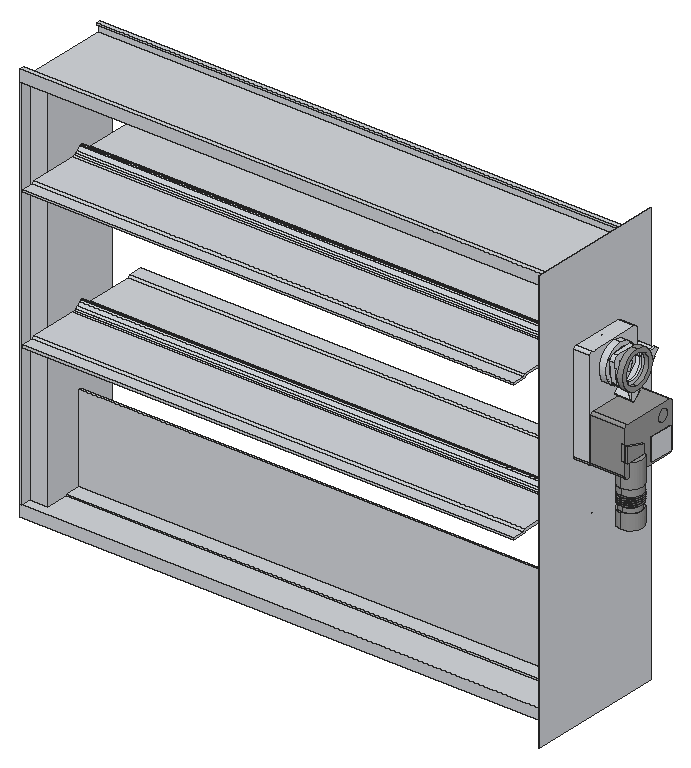
Revit family "OB-MZ-1,2", category Mechanical Equipment, Revit 2015
Parameters
  URL = "https://unitedenertech.com/catalog/pdf/G_5%20MI-MZ-1,2-OB-MZ-1,2.pdf"
  Type Comments = "Consult Factory For Max. Size."
  Side Plate Height [instance] = Exact Height + 0' 1"  # 1' - 7"
  Model = "OB-MZ-1, OB-MZ-2"
  Manufacturer = "United Enertech Corporation"
  Keynote = "This model is only a representation of the product, blade position will vary from built dampers."
  Exact Width = 2' - 0"
  Exact Height = 1' - 6"
  Description = "Modulating Motorized Damper"
  Blade Spacing = 0' - 6 1/4"
  Blade Number [instance] = rounddown((Exact Height - 0' 2 3/4") / Blade Spacing)  # 2
  BW [instance] = Exact Width - 0' 1 15/16"  # 1' - 10 1/16"
Reference planes (in)
  plane 1 "Center (Front/Back)": y = 0
  plane 2: z = 0
  plane 3 "Center (Left/Right)": x = 0
  plane 4: x = -12
  plane 5: x = 12
  plane 6: z = 18
  plane 7: z = 0.5
  plane 8: z = 17.5
  plane 9: x = -11.125
  plane 10: x = 11.125
  plane 11: z = 13.94956
  plane 12: z = 18.5
  plane 13: x = 12.0478
  plane 14: z = 14.22854
  plane 15: x = 13.49393
  plane 16: z = 16.06528
  plane 17: z = 14.85859
  plane 18: x = 14.19222
  plane 19: x = 14.47514
  plane 20: z = 11.43531
  plane 21: z = 10.43395
Forms (in)
  Extrusion 1, solid
    sketch origin (-10.94563, 56.53311, 0) x (0, 1, 0) y (-1, 0, 0)
      loop
        line (-56.53311, 0.97437) -> (-56.07011, 0.97437) -> (-56.07011, 0.17937) -> (-52.49611, 0.17937) -> (-52.49611, 0.97437) -> (-52.03311, 0.97437) -> (-52.03311, 1.05437) -> (-52.57611, 1.05437) -> (-52.57611, 0.46516) -> (-52.61757, 0.51649) -> (-52.6794, 0.56048) -> (-52.75426, 0.58054) -> (-52.77072, 0.48933)
        arc (-52.77072, 0.48933) -> (-52.68095, 0.36712) -> (-52.81664, 0.43482) r 0.078
        line (-52.81664, 0.43482) -> (-52.90129, 0.4267) -> (-52.87778, 0.33896) -> (-52.8428, 0.29687) -> (-52.79089, 0.25937) -> (-55.76027, 0.25937) -> (-55.71053, 0.30912) -> (-55.67609, 0.36632) -> (-55.67078, 0.44579) -> (-55.75297, 0.44579)
        arc (-55.75297, 0.44579) -> (-55.87883, 0.36035) -> (-55.80226, 0.4918) r 0.078
        line (-55.80226, 0.4918) -> (-55.81534, 0.5768) -> (-55.90864, 0.5518) -> (-55.94901, 0.51604) -> (-55.99011, 0.45116) -> (-55.99011, 1.05437) -> (-56.53311, 1.05437) -> (-56.53311, 0.97437)
    from 0.5 to 17.5
  Extrusion 2, solid
    sketch origin (10.94563, 56.53311, 0) x (0, 1, 0) y (-1, 0, 0)
      loop
        line (-56.53311, -0.97437) -> (-56.53311, -1.05437) -> (-55.99011, -1.05437) -> (-55.99011, -0.45116) -> (-55.94901, -0.51604) -> (-55.90864, -0.5518) -> (-55.81534, -0.5768) -> (-55.80226, -0.4918)
        arc (-55.80226, -0.4918) -> (-55.87883, -0.36035) -> (-55.75297, -0.44579) r 0.078
        line (-55.75297, -0.44579) -> (-55.67078, -0.44579) -> (-55.67609, -0.36632) -> (-55.71053, -0.30912) -> (-55.76027, -0.25937) -> (-52.79089, -0.25937) -> (-52.8428, -0.29687) -> (-52.87778, -0.33896) -> (-52.90129, -0.4267) -> (-52.81664, -0.43482)
        arc (-52.81664, -0.43482) -> (-52.68095, -0.36712) -> (-52.77072, -0.48933) r 0.078
        line (-52.77072, -0.48933) -> (-52.75426, -0.58054) -> (-52.6794, -0.56048) -> (-52.61757, -0.51649) -> (-52.57611, -0.46516) -> (-52.57611, -1.05437) -> (-52.03311, -1.05437) -> (-52.03311, -0.97437) -> (-52.49611, -0.97437) -> (-52.49611, -0.17937) -> (-56.07011, -0.17937) -> (-56.07011, -0.97437) -> (-56.53311, -0.97437)
    from 0.5 to 17.5
  Extrusion 3, solid
    sketch origin (-23.46325, -52.03311, -12.20737) x (0, -1, 0) y (0, 0, 1)
      loop
        line (-56.34511, 12.28737) -> (-56.45311, 12.28737) -> (-56.45311, 12.62737) -> (-52.11311, 12.62737) -> (-52.11311, 12.28737) -> (-52.22111, 12.28737) -> (-52.22111, 12.20737) -> (-52.03311, 12.20737) -> (-52.03311, 12.70737) -> (-56.53311, 12.70737) -> (-56.53311, 12.20737) -> (-56.34511, 12.20737) -> (-56.34511, 12.28737)
    from -35.46325 to -11.46325
  Extrusion 4, solid
    sketch origin (-35.31788, -52.03311, 54.20737) x (0, -1, 0) y (0, 0, -1)
      loop
        line (-56.34511, 36.29227) -> (-56.45311, 36.29227) -> (-56.45311, 36.63227) -> (-52.11311, 36.63227) -> (-52.11311, 36.29227) -> (-52.22111, 36.29227) -> (-52.22111, 36.20737) -> (-52.03311, 36.20737) -> (-52.03311, 36.71227) -> (-56.53311, 36.71227) -> (-56.53311, 36.21227) -> (-56.34511, 36.21227) -> (-56.34511, 36.29227)
    from 23.31788 to 47.31788
  Extrusion 5, solid
    sketch origin (-54.80861, -46.85261, 19.59636) x (0, -1, 0) y (0, 0, -1)
      loop
        line (-49.18361, 2.60026) -> (-49.18361, 2.10126) -> (-48.43361, 2.10126) -> (-48.43361, 2.18126) -> (-49.10261, 2.18126) -> (-49.10261, 2.60026) -> (-49.18361, 2.60026)
    from 43.68361 to 65.93361
  Extrusion 6, solid
    sketch origin (0, 7.30319, -4.76393) x (0, 1, 0) y (0, 0, 1)
      loop
        line (-5.05319, 5.26393) -> (-5.05319, 9.26393) -> (-5.13572, 9.26393) -> (-5.13572, 5.34205) -> (-5.80319, 5.34205) -> (-5.80319, 5.26393) -> (-5.05319, 5.26393)
    from -11.125 to 11.125
  Extrusion 7, solid
    sketch origin (0, 15.875, 0) x (0, 1, 0) y (0, 0, 1)
      loop
        line (-10.5, 18.5) -> (-16.75, 18.5) -> (-16.75, -0.5) -> (-10.5, -0.5) -> (-10.5, 18.5)
    from 12 to 12.0478
  Extrusion 8, solid
    sketch origin (0, 15.79116, 2.92061) x (0, 0.87462, 0.48481) y (0, -0.48481, 0.87462)
      loop
        line (-6.47935, 16.0011) -> (-6.21976, 16.2607) -> (-6.42721, 16.46814) -> (-6.49313, 16.50468) -> (-6.73803, 16.25978) -> (-6.47935, 16.0011)
    from 12 to 13.49393
  Extrusion 9, solid
    sketch origin (0, 0, 0) x (1, 0, 0) y (0, 1, 0)
      loop
        line (14.19222, 2.39477) -> (14.47514, 2.39477) -> (14.47514, 3.42873) -> (14.19222, 3.42873) -> (14.19222, 2.39477)
    from 10.43395 to 11.43531
Dimensions and locks (in)
  equal spacing: plane 4, plane 3 "Center (Left/Right)", plane 5
  "Exact Width": plane 4 to plane 5
  "Exact Height": plane 6 to level
  locked: plane 7 to level at 0.5
  locked: plane 6 to plane 8 at 0.5
  locked: plane 4 to plane 9 at 0.875
  locked: plane 10 to plane 5 at 0.875
  plane 8 to plane 11 = 0' - 3.55044"
  group 1 to group 2 = 0' - 0"  (x2)
  group 2 to group 1 = 0' - 6 1/4"
  "Blade Spacing": nested 1 to nested 2
  locked: plane 12 to plane 6 at 0.5
  locked: plane 5 to plane 13 at 0.0478
  "Side Plate Height": Extrusion 7 to Extrusion 7
  locked: plane 15 to plane 13 at 1.44613
  locked: plane 6 to plane 14 at 3.77146
  locked: plane 6 to plane 16 at 1.93472
  locked: plane 6 to plane 17 at 3.14141
  locked: plane 15 to plane 18 at 0.69828
  locked: plane 18 to plane 19 at 0.28292
  locked: plane 6 to plane 20 at 6.56469
  locked: plane 20 to plane 21 at 1.00136
  aligned and locked: level to plane 2
  aligned and locked: Extrusion 1 to plane 7
  aligned and locked: Extrusion 2 to plane 7
  aligned and locked: plane 5 to Extrusion 3
  aligned and locked: plane 4 to Extrusion 3
  aligned and locked: plane 6 to Extrusion 4
  aligned and locked: plane 5 to Extrusion 4
  aligned and locked: plane 4 to Extrusion 4
  aligned and locked: plane 8 to Extrusion 1
  aligned and locked: plane 8 to Extrusion 2
  aligned and locked: Extrusion 5 to Extrusion 4
  aligned and locked: plane 10 to Extrusion 5
  aligned and locked: Extrusion 5 to plane 9
  aligned and locked: plane 3 "Center (Left/Right)" to nested 1
  aligned and locked: plane 11 to nested 1
  aligned and locked: plane 10 to Extrusion 6
  aligned and locked: Extrusion 6 to plane 9
  aligned and locked: plane 13 to Extrusion 7
  aligned and locked: Extrusion 7 to plane 5
  aligned and locked: Extrusion 8 to plane 5
  aligned and locked: Extrusion 8 to plane 15
  aligned and locked: nested 3 to plane 13
  aligned and locked: plane 17 to nested 3
  aligned and locked: plane 20 to Extrusion 9
  aligned and locked: Extrusion 9 to plane 21
  aligned and locked: plane 18 to Extrusion 9
  aligned and locked: Extrusion 9 to plane 19
Automatic sketch dimensions
  Extrusion 3 sketch curve to level = 0' - 0"  (x2)
  Extrusion 3 sketch curve to plane 7 = 0' - 0"
  Extrusion 3 sketch curve to plane 1 "Center (Front/Back)" = 0' - 0"
  Extrusion 3 sketch curve to plane 1 "Center (Front/Back)" = 0' - 0.08"
  Extrusion 3 sketch curve to Extrusion 3 sketch curve = 0' - 0.108"  (x2)
  Extrusion 3 sketch curve to Extrusion 3 sketch curve = 0' - 4.124"
  Extrusion 3 sketch curve to plane 7 = 0' - 0.08"
  Extrusion 3 sketch curve to Extrusion 3 sketch curve = 0' - 0.08"
  level to Extrusion 3 sketch curve = 0' - 0.08"  (x2)
  Extrusion 6 sketch curve to plane 1 "Center (Front/Back)" = 0' - 2.16746"
  Extrusion 6 sketch curve to Extrusion 6 sketch curve = 0' - 0.08254"
  Extrusion 6 sketch curve to Extrusion 6 sketch curve = 0' - 0 5/64"
  Extrusion 6 sketch curve to Extrusion 6 sketch curve = 0' - 3 59/64"
  Extrusion 6 sketch curve to Extrusion 6 sketch curve = 0' - 0.66746"
  Extrusion 6 sketch curve to plane 7 = 0' - 0"
  Extrusion 4 sketch curve to plane 6 = 0' - 0"
  Extrusion 4 sketch curve to plane 1 "Center (Front/Back)" = 0' - 0"
  Extrusion 4 sketch curve to plane 1 "Center (Front/Back)" = 0' - 0.08"
  Extrusion 4 sketch curve to Extrusion 4 sketch curve = 0' - 0.108"  (x2)
  Extrusion 4 sketch curve to plane 6 = 0' - 0.0849"  (x2)
  Extrusion 4 sketch curve to Extrusion 4 sketch curve = 0' - 4.124"
  Extrusion 4 sketch curve to plane 8 = 0' - 0.0049"
  Extrusion 4 sketch curve to Extrusion 4 sketch curve = 0' - 0.08"
  Extrusion 4 sketch curve to plane 6 = 0' - 0.0049"
  plane 8 to Extrusion 4 sketch curve = 0' - 0.0751"
  Extrusion 5 sketch curve to plane 8 = 0' - 0.0049"
  Extrusion 5 sketch curve to plane 1 "Center (Front/Back)" = 0' - 2.331"
  Extrusion 5 sketch curve to Extrusion 5 sketch curve = 0' - 0.081"
  Extrusion 5 sketch curve to Extrusion 5 sketch curve = 0' - 0.669"
  Extrusion 5 sketch curve to Extrusion 5 sketch curve = 0' - 0.08"
  Extrusion 5 sketch curve to Extrusion 5 sketch curve = 0' - 0.419"
  plane 12 to Extrusion 7 sketch curve = 0' - 0"
  plane 1 "Center (Front/Back)" to Extrusion 7 sketch curve = 0' - 0 7/8"
  Extrusion 7 sketch curve to level = 0' - 0 1/2"
  Extrusion 7 sketch curve to plane 1 "Center (Front/Back)" = 0' - 5 3/8"
  plane 1 "Center (Front/Back)" to Extrusion 1 sketch curve = 0' - 0"
  Extrusion 1 sketch curve to plane 9 = 0' - 0"
  Extrusion 1 sketch curve to plane 4 = 0' - 0"  (x2)
  Extrusion 1 sketch curve to plane 4 = 0' - 0.08"  (x2)
  Extrusion 1 sketch curve to plane 1 "Center (Front/Back)" = 0' - 0.463"
  Extrusion 1 sketch curve to Extrusion 1 sketch curve = 0' - 0.08"  (x2)
  Extrusion 1 sketch curve to Extrusion 1 sketch curve = 0' - 0.0411"
  Extrusion 1 sketch curve to Extrusion 1 sketch curve = 0' - 0.04037"
  Extrusion 1 sketch curve to Extrusion 1 sketch curve = 0' - 0.08303"
  Extrusion 1 sketch curve to Extrusion 1 sketch curve = 0' - 0.0933"
  Extrusion 1 sketch curve to plane 9 = 0' - 0.31242"
  Extrusion 1 sketch curve to Extrusion 1 sketch curve = 0' - 0.02335"
  Extrusion 1 sketch curve to plane 9 = 0' - 0.08"
  Extrusion 1 sketch curve to Extrusion 1 sketch curve = 0' - 0.06534"
  Extrusion 1 sketch curve to Extrusion 1 sketch curve = 0' - 0.04929"
  Extrusion 1 sketch curve to plane 9 = 0' - 0.12974"
  Extrusion 1 sketch curve to Extrusion 1 sketch curve = 0' - 0.04974"
  Extrusion 1 sketch curve to plane 9 = 0' - 0.18694"
  Extrusion 1 sketch curve to Extrusion 1 sketch curve = 0' - 0.03444"
  Extrusion 1 sketch curve to Extrusion 1 sketch curve = 0' - 0.00531"
  Extrusion 1 sketch curve to plane 9 = 0' - 0.24733"
  Extrusion 1 sketch curve to Extrusion 1 sketch curve = 0' - 2.76949"
  Extrusion 1 sketch curve to plane 9 = 0' - 0.15959"
  Extrusion 1 sketch curve to Extrusion 1 sketch curve = 0' - 0.02351"
  Extrusion 1 sketch curve to plane 9 = 0' - 0.11749"
  Extrusion 1 sketch curve to Extrusion 1 sketch curve = 0' - 0.03498"
  Extrusion 1 sketch curve to plane 9 = 0' - 0.25544"
  Extrusion 1 sketch curve to Extrusion 1 sketch curve = 0' - 0.08465"
  Extrusion 1 sketch curve to Extrusion 1 sketch curve = 0' - 0.05191"
  Extrusion 1 sketch curve to plane 9 = 0' - 0.30996"
  Extrusion 1 sketch curve to Extrusion 1 sketch curve = 0' - 0.04592"
  Extrusion 1 sketch curve to plane 9 = 0' - 0.40116"
  Extrusion 1 sketch curve to Extrusion 1 sketch curve = 0' - 0.01646"
  Extrusion 1 sketch curve to Extrusion 1 sketch curve = 0' - 0.07602"
  Extrusion 1 sketch curve to plane 9 = 0' - 0.3811"
  Extrusion 1 sketch curve to Extrusion 1 sketch curve = 0' - 0.07486"
  Extrusion 1 sketch curve to plane 9 = 0' - 0.33712"
  Extrusion 1 sketch curve to Extrusion 1 sketch curve = 0' - 0.06183"
  Extrusion 1 sketch curve to Extrusion 1 sketch curve = 0' - 0.04146"
  Extrusion 1 sketch curve to Extrusion 1 sketch curve = 0' - 0.463"
  Extrusion 1 sketch curve to Extrusion 1 sketch curve = 0' - 0.07442"
  Extrusion 1 sketch curve to Extrusion 1 sketch curve = 0' - 0.03378"
  Extrusion 1 sketch curve to Extrusion 1 sketch curve = 0' - 0.05133"
  Extrusion 1 sketch curve to Extrusion 1 sketch curve = 0' - 0.06488"
  Extrusion 1 sketch curve to Extrusion 1 sketch curve = 0' - 0.03576"
  Extrusion 1 sketch curve to Extrusion 1 sketch curve = 0' - 0.085"
  plane 1 "Center (Front/Back)" to Extrusion 2 sketch curve = 0' - 0"
  Extrusion 2 sketch curve to plane 10 = 0' - 0"
  Extrusion 2 sketch curve to plane 5 = 0' - 0"  (x2)
  plane 5 to Extrusion 2 sketch curve = 0' - 0.08"  (x2)
  Extrusion 2 sketch curve to Extrusion 2 sketch curve = 0' - 0.463"  (x2)
  Extrusion 2 sketch curve to Extrusion 2 sketch curve = 0' - 0.08"  (x2)
  Extrusion 2 sketch curve to Extrusion 2 sketch curve = 0' - 0.0411"
  Extrusion 2 sketch curve to Extrusion 2 sketch curve = 0' - 0.04037"
  Extrusion 2 sketch curve to Extrusion 2 sketch curve = 0' - 0.08303"
  Extrusion 2 sketch curve to Extrusion 2 sketch curve = 0' - 0.0933"
  Extrusion 2 sketch curve to plane 10 = 0' - 0.31242"
  Extrusion 2 sketch curve to Extrusion 2 sketch curve = 0' - 0.02335"
  Extrusion 2 sketch curve to plane 10 = 0' - 0.08"
  Extrusion 2 sketch curve to Extrusion 2 sketch curve = 0' - 0.06534"
  Extrusion 2 sketch curve to Extrusion 2 sketch curve = 0' - 0.04929"
  Extrusion 2 sketch curve to plane 10 = 0' - 0.12974"
  Extrusion 2 sketch curve to Extrusion 2 sketch curve = 0' - 0.04974"
  Extrusion 2 sketch curve to plane 10 = 0' - 0.18694"
  Extrusion 2 sketch curve to Extrusion 2 sketch curve = 0' - 0.03444"
  Extrusion 2 sketch curve to Extrusion 2 sketch curve = 0' - 0.00531"
  Extrusion 2 sketch curve to plane 10 = 0' - 0.24733"
  Extrusion 2 sketch curve to Extrusion 2 sketch curve = 0' - 2.76949"
  Extrusion 2 sketch curve to plane 10 = 0' - 0.15959"
  Extrusion 2 sketch curve to Extrusion 2 sketch curve = 0' - 0.02351"
  Extrusion 2 sketch curve to plane 10 = 0' - 0.11749"
  Extrusion 2 sketch curve to Extrusion 2 sketch curve = 0' - 0.03498"
  Extrusion 2 sketch curve to plane 10 = 0' - 0.25544"
  Extrusion 2 sketch curve to Extrusion 2 sketch curve = 0' - 0.08465"
  Extrusion 2 sketch curve to Extrusion 2 sketch curve = 0' - 0.05191"
  Extrusion 2 sketch curve to plane 10 = 0' - 0.30996"
  Extrusion 2 sketch curve to Extrusion 2 sketch curve = 0' - 0.04592"
  Extrusion 2 sketch curve to plane 10 = 0' - 0.40116"
  Extrusion 2 sketch curve to Extrusion 2 sketch curve = 0' - 0.01646"
  Extrusion 2 sketch curve to Extrusion 2 sketch curve = 0' - 0.07602"
  Extrusion 2 sketch curve to plane 10 = 0' - 0.3811"
  Extrusion 2 sketch curve to Extrusion 2 sketch curve = 0' - 0.07486"
  Extrusion 2 sketch curve to plane 10 = 0' - 0.33712"
  Extrusion 2 sketch curve to Extrusion 2 sketch curve = 0' - 0.06183"
  Extrusion 2 sketch curve to Extrusion 2 sketch curve = 0' - 0.04146"
  Extrusion 2 sketch curve to Extrusion 2 sketch curve = 0' - 0.07442"
  Extrusion 2 sketch curve to Extrusion 2 sketch curve = 0' - 0.03378"
  Extrusion 2 sketch curve to Extrusion 2 sketch curve = 0' - 0.05133"
  Extrusion 2 sketch curve to Extrusion 2 sketch curve = 0' - 0.06488"
  Extrusion 2 sketch curve to Extrusion 2 sketch curve = 0' - 0.03576"
  Extrusion 2 sketch curve to Extrusion 2 sketch curve = 0' - 0.085"
  Extrusion 8 sketch curve to plane 11 = 0' - 0.07448"
  Extrusion 8 sketch curve to plane 1 "Center (Front/Back)" = 0' - 2.01505"
  Extrusion 8 sketch curve to Extrusion 8 sketch curve = 0' - 0.25868"
  Extrusion 8 sketch curve to Extrusion 8 sketch curve = 0' - 0.31082"
  Extrusion 8 sketch curve to Extrusion 8 sketch curve = 0' - 0.06592"
  Extrusion 8 sketch curve to Extrusion 8 sketch curve = 0' - 0.03654"
  Extrusion 8 sketch curve to Extrusion 8 sketch curve = 0' - 0.20744"
  Extrusion 9 sketch curve to plane 15 = 0' - 0.98121"
  Extrusion 9 sketch curve to plane 1 "Center (Front/Back)" = 0' - 2.39477"
  Extrusion 9 sketch curve to Extrusion 9 sketch curve = 0' - 1.03395"
  Extrusion 9 sketch curve to Extrusion 9 sketch curve = 0' - 0.28292"
Nested families (in)
  nested 1: "CDBLADE" at (0, -2.64852, 8.0043), type "CDBLADE"
    with Blade Width 1' - 10 1/16"
  nested 2: "CDBLADE" at (0, -2.64852, 1.7543), type "CDBLADE"
    with Blade Width 1' - 10 1/16"
  nested 3: "LMB-24" at (12.81056, 1.00822, 8.14993) x (-1, 0, 0) z (0, 0, 1), type "LMB-24"
Definition of nested family "CDBLADE"
  Parameters (values of type "CDBLADE")
    Blade Width = 2' - 0"
  Reference planes (in)
    plane 1 "Center (Front/Back)": y = 0
    plane 2: z = 0
    plane 3 "Center (Left/Right)": x = 0
    plane 4: x = -12
    plane 5: x = 12
    plane 6: x = 13
    plane 7: x = 10
    plane 8: x = -10
    plane 9: x = -13
  Forms (in)
    Extrusion 1, solid
      sketch origin (-4.01787, 39.3726, 0.84574) x (0, 1, 0) y (0, 0, 1)
        loop
          line (-34.73332, 5.15315) -> (-34.47458, 4.89351) -> (-34.21494, 5.15234) -> (-34.47408, 5.41148) -> (-34.73332, 5.15315)
      from 14.01787 to 17.01787
    Extrusion 2, solid
      sketch origin (-4.01787, -27.59093, -0.63909) x (0, -1, 0) y (0, 0, -1)
        loop
          line (-35.80383, -6.69185) -> (-35.80383, -6.77356) -> (-35.19434, -6.77356) -> (-35.13423, -6.68767) -> (-32.97747, -6.69982) -> (-32.83541, -6.72864) -> (-32.73109, -6.79397) -> (-32.56192, -6.96162) -> (-32.49539, -6.99587) -> (-32.43982, -6.98181) -> (-32.38723, -6.93174) -> (-32.25542, -6.79981) -> (-32.17789, -6.744) -> (-32.09104, -6.71015) -> (-31.98943, -6.69867) -> (-29.80199, -6.67883) -> (-29.73737, -6.58434) -> (-29.17594, -6.58434) -> (-29.17594, -6.49977) -> (-29.78569, -6.49977) -> (-29.84356, -6.5857) -> (-32.02043, -6.57341) -> (-32.24214, -6.52605) -> (-32.26394, -6.60365) -> (-32.23071, -6.63677) -> (-32.48945, -6.89631) -> (-32.74909, -6.63757) -> (-32.49035, -6.37794) -> (-32.41459, -6.45346) -> (-32.34512, -6.38399) -> (-32.42473, -6.30635) -> (-32.5126, -6.28231) -> (-32.57292, -6.32333) -> (-32.71384, -6.46424) -> (-32.7897, -6.52327) -> (-32.8836, -6.56221) -> (-32.98369, -6.5746) -> (-35.17817, -6.59456) -> (-35.24451, -6.69185) -> (-35.80383, -6.69185)
      from -7.98213 to 16.01787
    Extrusion 3, solid
      sketch origin (-13.76787, -29.57556, 0.84574) x (0, -1, 0) y (0, 0, -1)
        loop
          line (-34.73332, -5.15315) -> (-34.47408, -5.41148) -> (-34.21494, -5.15234) -> (-34.47458, -4.89351) -> (-34.73332, -5.15315)
      from 0.76787 to 3.76787
  Dimensions and locks (in)
    equal spacing: plane 4, plane 3 "Center (Left/Right)", plane 5
    "Blade Width": plane 4 to plane 5
    locked: plane 9 to plane 4 at 1
    locked: plane 4 to plane 8 at 2
    locked: plane 7 to plane 5 at 2
    locked: plane 5 to plane 6 at 1
    aligned and locked: level to plane 2
    aligned and locked: Extrusion 1 to plane 6
    aligned and locked: plane 7 to Extrusion 1
    aligned and locked: plane 9 to Extrusion 3
    aligned and locked: Extrusion 3 to plane 8
    aligned and locked: plane 5 to Extrusion 2
    aligned and locked: plane 4 to Extrusion 2
  Automatic sketch dimensions
    Extrusion 1 sketch curve to plane 1 "Center (Front/Back)" = 0' - 4.63929"
    Extrusion 1 sketch curve to Extrusion 1 sketch curve = 0' - 0.25873"
    Extrusion 1 sketch curve to Extrusion 1 sketch curve = 0' - 0.25923"
    Extrusion 1 sketch curve to Extrusion 1 sketch curve = 0' - 0.25914"
    level to Extrusion 1 sketch curve = 0' - 5.73925"
    Extrusion 1 sketch curve to Extrusion 1 sketch curve = 0' - 0.25883"
    Extrusion 1 sketch curve to Extrusion 1 sketch curve = 0' - 0.25964"
    Extrusion 2 sketch curve to plane 1 "Center (Front/Back)" = 0' - 8.2129"
    Extrusion 2 sketch curve to Extrusion 2 sketch curve = 0' - 0.55932"
    Extrusion 2 sketch curve to Extrusion 2 sketch curve = 0' - 0.05017"
    Extrusion 2 sketch curve to Extrusion 2 sketch curve = 0' - 0.06634"
    Extrusion 2 sketch curve to Extrusion 2 sketch curve = 0' - 0.04394"
    Extrusion 2 sketch curve to Extrusion 2 sketch curve = 0' - 2.15054"
    Extrusion 2 sketch curve to Extrusion 2 sketch curve = 0' - 0.00621"
    Extrusion 2 sketch curve to Extrusion 2 sketch curve = 0' - 0.10009"
    Extrusion 2 sketch curve to Extrusion 2 sketch curve = 0' - 0.14206"
    Extrusion 2 sketch curve to Extrusion 2 sketch curve = 0' - 0.0939"
    Extrusion 2 sketch curve to Extrusion 2 sketch curve = 0' - 0.04061"
    Extrusion 2 sketch curve to Extrusion 2 sketch curve = 0' - 0.10431"
    Extrusion 2 sketch curve to Extrusion 2 sketch curve = 0' - 0.07586"
    Extrusion 2 sketch curve to Extrusion 2 sketch curve = 0' - 0.14092"
    Extrusion 2 sketch curve to Extrusion 2 sketch curve = 0' - 0.16917"
    Extrusion 2 sketch curve to Extrusion 2 sketch curve = 0' - 0.06032"
    Extrusion 2 sketch curve to Extrusion 2 sketch curve = 0' - 0.06653"
    Extrusion 2 sketch curve to Extrusion 2 sketch curve = 0' - 0.02225"
    Extrusion 2 sketch curve to Extrusion 2 sketch curve = 0' - 0.07248"
    Extrusion 2 sketch curve to Extrusion 2 sketch curve = 0' - 0.05557"
    Extrusion 2 sketch curve to Extrusion 2 sketch curve = 0' - 0.08788"
    Extrusion 2 sketch curve to Extrusion 2 sketch curve = 0' - 0.07576"
    Extrusion 2 sketch curve to Extrusion 2 sketch curve = 0' - 0.0526"
    Extrusion 2 sketch curve to Extrusion 2 sketch curve = 0' - 0.06947"  (x2)
    Extrusion 2 sketch curve to Extrusion 2 sketch curve = 0' - 0.15066"
    Extrusion 2 sketch curve to Extrusion 2 sketch curve = 0' - 0.1318"
    Extrusion 2 sketch curve to Extrusion 2 sketch curve = 0' - 0.0218"
    Extrusion 2 sketch curve to Extrusion 2 sketch curve = 0' - 0.03322"
    Extrusion 2 sketch curve to Extrusion 2 sketch curve = 0' - 0.07753"
    Extrusion 2 sketch curve to Extrusion 2 sketch curve = 0' - 0.08685"
    Extrusion 2 sketch curve to Extrusion 2 sketch curve = 0' - 0.0706"
    Extrusion 2 sketch curve to Extrusion 2 sketch curve = 0' - 0.1016"
    Extrusion 2 sketch curve to Extrusion 2 sketch curve = 0' - 2.14587"
    Extrusion 2 sketch curve to Extrusion 2 sketch curve = 0' - 0.04157"
    Extrusion 2 sketch curve to Extrusion 2 sketch curve = 0' - 0.05787"
    Extrusion 2 sketch curve to Extrusion 2 sketch curve = 0' - 0.04833"
    Extrusion 2 sketch curve to Extrusion 2 sketch curve = 0' - 0.56142"
    level to Extrusion 2 sketch curve = 0' - 6.35678"
    Extrusion 2 sketch curve to Extrusion 2 sketch curve = 0' - 0.01406"
    Extrusion 2 sketch curve to Extrusion 2 sketch curve = 0' - 0.03425"
    Extrusion 2 sketch curve to Extrusion 2 sketch curve = 0' - 0.05007"
    Extrusion 2 sketch curve to Extrusion 2 sketch curve = 0' - 0.06531"
    Extrusion 2 sketch curve to Extrusion 2 sketch curve = 0' - 0.13193"
    Extrusion 2 sketch curve to Extrusion 2 sketch curve = 0' - 0.16765"
    Extrusion 2 sketch curve to Extrusion 2 sketch curve = 0' - 0.02041"
    Extrusion 2 sketch curve to Extrusion 2 sketch curve = 0' - 0.05581"
    Extrusion 2 sketch curve to Extrusion 2 sketch curve = 0' - 0.06533"
    Extrusion 2 sketch curve to Extrusion 2 sketch curve = 0' - 0.03385"
    Extrusion 2 sketch curve to Extrusion 2 sketch curve = 0' - 0.02882"
    Extrusion 2 sketch curve to Extrusion 2 sketch curve = 0' - 0.01149"
    Extrusion 2 sketch curve to Extrusion 2 sketch curve = 0' - 0.08171"
    Extrusion 2 sketch curve to Extrusion 2 sketch curve = 0' - 0.08589"
    Extrusion 2 sketch curve to Extrusion 2 sketch curve = 0' - 0.01983"
    Extrusion 2 sketch curve to Extrusion 2 sketch curve = 0' - 0.09106"
    Extrusion 2 sketch curve to Extrusion 2 sketch curve = 0' - 0.10723"
    Extrusion 2 sketch curve to Extrusion 2 sketch curve = 0' - 0.03312"
    Extrusion 2 sketch curve to Extrusion 2 sketch curve = 0' - 0.09311"
    Extrusion 2 sketch curve to Extrusion 2 sketch curve = 0' - 0.09314"
    Extrusion 2 sketch curve to Extrusion 2 sketch curve = 0' - 0.09449"
    Extrusion 2 sketch curve to Extrusion 2 sketch curve = 0' - 0.12522"
    Extrusion 2 sketch curve to Extrusion 2 sketch curve = 0' - 0.12526"
    Extrusion 2 sketch curve to Extrusion 2 sketch curve = 0' - 0.01239"
    Extrusion 2 sketch curve to Extrusion 2 sketch curve = 0' - 0.0776"
    Extrusion 2 sketch curve to Extrusion 2 sketch curve = 0' - 0.03894"
    Extrusion 2 sketch curve to Extrusion 2 sketch curve = 0' - 0.08457"
    Extrusion 2 sketch curve to Extrusion 2 sketch curve = 0' - 0.05902"
    Extrusion 2 sketch curve to Extrusion 2 sketch curve = 0' - 0.07552"
    Extrusion 2 sketch curve to Extrusion 2 sketch curve = 0' - 0.05461"
    Extrusion 2 sketch curve to Extrusion 2 sketch curve = 0' - 0.07159"
    Extrusion 2 sketch curve to Extrusion 2 sketch curve = 0' - 0.04101"
    Extrusion 3 sketch curve to plane 1 "Center (Front/Back)" = 0' - 5.15775"
    Extrusion 3 sketch curve to Extrusion 3 sketch curve = 0' - 0.25873"
    Extrusion 3 sketch curve to Extrusion 3 sketch curve = 0' - 0.25923"
    Extrusion 3 sketch curve to Extrusion 3 sketch curve = 0' - 0.25914"  (x2)
    level to Extrusion 3 sketch curve = 0' - 6.25722"
    Extrusion 3 sketch curve to Extrusion 3 sketch curve = 0' - 0.25833"
Definition of nested family "LMB-24"
  Reference planes (in)
    plane 1 "Center (Front/Back)": y = 0
    plane 2: z = 0
    plane 3 "Center (Left/Right)": x = 0
    plane 4: x = 0.76276
  Forms (in)
    Extrusion 1, solid
      sketch origin (0, -14.29826, 0) x (0, 1, 0) y (0, 0, 1)
        loop
          line (14.29826, 2.26365) -> (14.29826, 6.58365)
          arc (14.29826, 6.58365) -> (14.26165, 6.67204) -> (14.17326, 6.70865) r 0.125
          line (14.17326, 6.70865) -> (11.82326, 6.70865)
          arc (11.82326, 6.70865) -> (11.73487, 6.67204) -> (11.69826, 6.58365) r 0.125
          line (11.69826, 6.58365) -> (11.69826, 2.26365)
          arc (11.69826, 2.26365) -> (11.73487, 2.17527) -> (11.82326, 2.13865) r 0.125
          line (11.82326, 2.13865) -> (14.17326, 2.13865)
          arc (14.17326, 2.13865) -> (14.26165, 2.17527) -> (14.29826, 2.26365) r 0.125
      from 0 to 0.76276
    Extrusion 2, solid
      sketch origin (0, 1.40093, 1.78838) x (0, 0, 1) y (0, -1, 0)
        loop
          circle (4.06027, 2.70093) r 0.83573
        loop
          circle (4.06027, 2.70093) r 0.65384
      from 0.85343 to -0.33
    Extrusion 3, solid
      sketch origin (0, 1.40093, 1.78838) x (0, 0, 1) y (0, -1, 0)
        loop
          line (3.55094, 4.09474) -> (4.49646, 3.0032) -> (4.45067, 2.20426) -> (3.69895, 2.30327) -> (2.75161, 3.40295) -> (2.57266, 3.24805) -> (3.5638, 2.10384) -> (4.47707, 1.99337)
          arc (4.47707, 1.99337) -> (4.61655, 2.05914) -> (4.70451, 2.1858) r 0.29812
          line (4.70451, 2.1858) -> (4.71841, 3.10215) -> (3.72989, 4.24964) -> (3.55094, 4.09474)
      from -0.62789 to -0.42789
    Extrusion 4, solid
      sketch origin (0, 1.40093, 1.78838) x (0, 0, 1) y (0, -1, 0)
        loop
          line (4.29797, 4.01838) -> (4.20264, 4.12876) -> (2.63971, 2.77891) -> (2.74493, 2.67369) -> (3.06142, 2.66898) -> (3.24141, 2.46124)
          arc (3.24141, 2.46124) -> (3.42353, 2.4293) -> (3.521, 2.58643) r 0.16504
          arc (3.521, 2.58643) -> (3.69967, 3.1318) -> (4.26379, 3.23725) r 0.5631
          arc (4.26379, 3.23725) -> (4.43789, 3.30548) -> (4.43541, 3.49245) r 0.16432
          line (4.43541, 3.49245) -> (4.25607, 3.70075) -> (4.29797, 4.01838)
      from -0.84254 to -0.74254
    Extrusion 5, solid
      sketch origin (0, 1.40093, 1.78838) x (0, 0, 1) y (0, -1, 0)
        loop
          line (2.63971, 2.77891) -> (2.71061, 2.70801) -> (4.26806, 4.0497) -> (4.20279, 4.12546) -> (2.63971, 2.77891)
      from -0.74254 to -0.08
    Extrusion 6, void
      sketch origin (0, 1.40093, 1.78838) x (0, 0, 1) y (0, -1, 0)
        loop
          circle (4.06027, 2.70093) r 0.65384
      from -0.33 to 0.85343
    Extrusion 7, solid
      sketch origin (0, 1.40093, 1.78838) x (0, 0, 1) y (0, -1, 0)
        loop
          circle (4.06027, 2.70093) r 0.83573
        loop
          circle (4.06027, 2.70093) r 0.65384
      from -1.08724 to -0.84254
    Extrusion 8, solid
      sketch origin (0, -14.29826, 0) x (0, 1, 0) y (0, 0, 1)
        loop
          line (14.29826, 2.26365) -> (14.29826, 4.19523)
          arc (14.29826, 4.19523) -> (14.26165, 4.28362) -> (14.17326, 4.32023) r 0.125
          line (14.17326, 4.32023) -> (11.82326, 4.32023)
          arc (11.82326, 4.32023) -> (11.73487, 4.28362) -> (11.69826, 4.19523) r 0.125
          line (11.69826, 4.19523) -> (11.69826, 2.26365)
          arc (11.69826, 2.26365) -> (11.73487, 2.17527) -> (11.82326, 2.13865) r 0.125
          line (11.82326, 2.13865) -> (14.17326, 2.13865)
          arc (14.17326, 2.13865) -> (14.26165, 2.17527) -> (14.29826, 2.26365) r 0.125
      from 0 to -1.57724
    Extrusion 9, solid
      sketch origin (0, -14.29826, 0) x (0, 1, 0) y (0, 0, 1)
        loop
          circle (12.19826, 3.82023) r 0.25
      from -1.57724 to -1.43167
    Extrusion 10, void
      sketch origin (0, -14.29826, 0) x (0, 1, 0) y (0, 0, 1)
        loop
          circle (12.19826, 3.82023) r 0.25
      from -1.43167 to -1.57724
    Revolve 11, solid
      sketch origin (-1.29043, 0.85927, 4.39668) x (0, 0, 1) y (0, -1, 0)
        loop
          line (-1.6464, 1.50853) -> (-4.58277, 1.50853) -> (-4.58277, 1.38895) -> (-4.38595, 1.3888) -> (-4.38595, 0.98233) -> (-3.71316, 0.98233) -> (-3.71316, 1.06013) -> (-3.46316, 1.06013) -> (-3.46316, 0.99553) -> (-3.42649, 0.99553)
          arc (-3.42649, 0.99553) -> (-3.41021, 0.98362) -> (-3.39393, 0.99553) r 0.01708
          line (-3.39393, 0.99553) -> (-3.34037, 0.99553)
          arc (-3.34037, 0.99553) -> (-3.3241, 0.98362) -> (-3.30782, 0.99553) r 0.01708
          line (-3.30782, 0.99553) -> (-3.25426, 0.99553)
          arc (-3.25426, 0.99553) -> (-3.23799, 0.98362) -> (-3.22171, 0.99553) r 0.01708
          line (-3.22171, 0.99553) -> (-3.16815, 0.99553)
          arc (-3.16815, 0.99553) -> (-3.15187, 0.98362) -> (-3.1356, 0.99553) r 0.01708
          line (-3.1356, 0.99553) -> (-3.08204, 0.99553)
          arc (-3.08204, 0.99553) -> (-3.06576, 0.98362) -> (-3.04949, 0.99553) r 0.01708
          line (-3.04949, 0.99553) -> (-2.74867, 0.99553) -> (-2.74867, 1.11419) -> (-2.71756, 1.11419) -> (-2.71756, 0.97626) -> (-1.6464, 0.97626) -> (-1.6464, 1.50853)
        axis (-1.6464, 1.50853) -> (-4.58277, 1.50853)
      angle from 0 to 360
    Extrusion 12, solid
      sketch origin (0, 0, 0.06408) x (0, 1, 0) y (0, 0, 1)
        loop
          line (0.03679, 2.81374) -> (0.03679, 3.49198) -> (-0.84859, 3.22129) -> (-0.84859, 2.81374) -> (0.03679, 2.81374)
      from -1.70773 to -1.43167
  Cuts and joins
    Extrusion 6 cuts Extrusion 2
    Extrusion 6, Extrusion 10 cuts Extrusion 1
    Extrusion 10 cuts Extrusion 8
  Dimensions and locks (in)
    aligned and locked: level to plane 2
